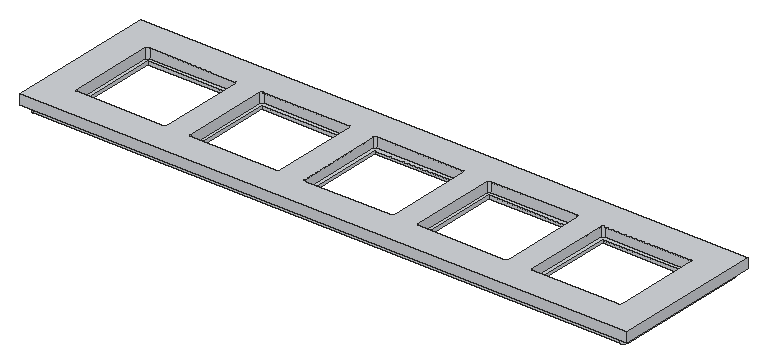
Revit family "Gira_021505", category Electrical Fixtures, host Face, Revit 2017
Family settings
  Host = Face
  Maintain Annotation Orientation = No
  Round Connector Dimension = Use Diameter
  Part Type = Normal
  Cut with Voids When Loaded = No
  Shared = No
  Room Calculation Point = No
Parameters (values of type "Cov.fr. 5-g Gira Esprit black gl.")
  With mounting grid = "No"
  With hinged lid = "No"
  URL = "http://katalog.gira.de/en/datenblatt.html?artikelnr=021505"
  Type of fastening = "Clamp mounting"
  Transparent = "No"
  Surface protection = "Other"
  Suitable for wall duct = "No"
  Suitable for flush-mounted installation = "Yes"
  Suitable for floor box = "No"
  Suitable for built-in installation = "No"
  Number of units vertical = "5"
  Number of units horizontal = "5"
  Number of units = "5"
  Name = "Cov.fr. 5-g Gira Esprit black gl."
  Mounting direction = "Horizontal and vertical"
  Material quality = "Other"
  Material = "Glass"
  Manufacturer URL = "https://www.gira.de/"
  Manufacturer = "Gira"
  Label space/information surface = "No"
  Keynote = ""
  HeinzeBIM = "https://bimportal.heinze.de/bim/cov-fr-5-g-gira-esprit-black-gl-/3320555c7ef3129956a38f41e4e0a0c77860461c"
  Halogen free = "No"
  HAN = "021505"
  GTIN = "4010337215059"
  Description = "Cov.fr.5g Espr. GBk,Gira Esprit cover frame,black glass,5-gang,"
  Degree of protection (IP) = "IP20"
  Default Elevation = 1219.2 mm
  Data sheet (1) = "https://katalog.gira.de/en/download.html?artikelnr=021505"
  Colour = "Black"
  Category = "Cover frame for domestic switching devices"
  BIM (1) = "https://media.stage.bim.site/public/gira/36a6b08/Espr._Rahmen_5fach.rfa"
  Available = "No"
Reference planes
  plane 1 "Center (Front/Back)": y = 0
  plane 2: z = 0
  plane 3 "Center (Left/Right)": x = 0
Forms (mm)
  Extrusion 1, solid, detail levels fine
    sketch origin (0, 0, 0) x (1, 0, 0) y (0, 1, 0)
      loop
        line (-190.1, 47.5) -> (-190.1, -47.5) -> (190.1, -47.5) -> (190.1, 47.5) -> (-190.1, 47.5)
      loop
        arc (-170.9, -26.8) -> (-170.461, -27.861) -> (-169.4, -28.3) r 1.5
        line (-169.4, -28.3) -> (-115.8, -28.3)
        arc (-115.8, -28.3) -> (-114.739, -27.861) -> (-114.3, -26.8) r 1.5
        line (-114.3, -26.8) -> (-114.3, 26.8)
        arc (-114.3, 26.8) -> (-114.739, 27.861) -> (-115.8, 28.3) r 1.5
        line (-115.8, 28.3) -> (-169.4, 28.3)
        arc (-169.4, 28.3) -> (-170.461, 27.861) -> (-170.9, 26.8) r 1.5
        line (-170.9, 26.8) -> (-170.9, -26.8)
      loop
        arc (-99.6, -26.8) -> (-99.161, -27.861) -> (-98.1, -28.3) r 1.5
        line (-98.1, -28.3) -> (-44.5, -28.3)
        arc (-44.5, -28.3) -> (-43.439, -27.861) -> (-43, -26.8) r 1.5
        line (-43, -26.8) -> (-43, 26.8)
        arc (-43, 26.8) -> (-43.439, 27.861) -> (-44.5, 28.3) r 1.5
        line (-44.5, 28.3) -> (-98.1, 28.3)
        arc (-98.1, 28.3) -> (-99.161, 27.861) -> (-99.6, 26.8) r 1.5
        line (-99.6, 26.8) -> (-99.6, -26.8)
      loop
        arc (-28.3, -26.8) -> (-27.861, -27.861) -> (-26.8, -28.3) r 1.5
        line (-26.8, -28.3) -> (26.8, -28.3)
        arc (26.8, -28.3) -> (27.861, -27.861) -> (28.3, -26.8) r 1.5
        line (28.3, -26.8) -> (28.3, 26.8)
        arc (28.3, 26.8) -> (27.861, 27.861) -> (26.8, 28.3) r 1.5
        line (26.8, 28.3) -> (-26.8, 28.3)
        arc (-26.8, 28.3) -> (-27.861, 27.861) -> (-28.3, 26.8) r 1.5
        line (-28.3, 26.8) -> (-28.3, -26.8)
      loop
        arc (43, -26.8) -> (43.439, -27.861) -> (44.5, -28.3) r 1.5
        line (44.5, -28.3) -> (98.1, -28.3)
        arc (98.1, -28.3) -> (99.161, -27.861) -> (99.6, -26.8) r 1.5
        line (99.6, -26.8) -> (99.6, 26.8)
        arc (99.6, 26.8) -> (99.161, 27.861) -> (98.1, 28.3) r 1.5
        line (98.1, 28.3) -> (44.5, 28.3)
        arc (44.5, 28.3) -> (43.439, 27.861) -> (43, 26.8) r 1.5
        line (43, 26.8) -> (43, -26.8)
      loop
        arc (114.3, -26.8) -> (114.739, -27.861) -> (115.8, -28.3) r 1.5
        line (115.8, -28.3) -> (169.4, -28.3)
        arc (169.4, -28.3) -> (170.461, -27.861) -> (170.9, -26.8) r 1.5
        line (170.9, -26.8) -> (170.9, 26.8)
        arc (170.9, 26.8) -> (170.461, 27.861) -> (169.4, 28.3) r 1.5
        line (169.4, 28.3) -> (115.8, 28.3)
        arc (115.8, 28.3) -> (114.739, 27.861) -> (114.3, 26.8) r 1.5
        line (114.3, 26.8) -> (114.3, -26.8)
    from 0 to 6
  Extrusion 2, solid, detail levels fine
    sketch origin (0, 0, 0) x (1, 0, 0) y (0, 1, 0)
      loop
        line (-168.5, -25.7) -> (-116.7, -25.7) -> (-116.7, 25.7) -> (-168.5, 25.7) -> (-168.5, -25.7)
      loop
        line (25.9, 25.7) -> (-25.9, 25.7) -> (-25.9, -25.7) -> (25.9, -25.7) -> (25.9, 25.7)
      loop
        arc (-185.5, -41.4) -> (-184.973, -42.673) -> (-183.7, -43.2) r 1.8
        line (-183.7, -43.2) -> (183.7, -43.2)
        arc (183.7, -43.2) -> (184.973, -42.673) -> (185.5, -41.4) r 1.8
        line (185.5, -41.4) -> (185.5, 41.4)
        arc (185.5, 41.4) -> (184.973, 42.673) -> (183.7, 43.2) r 1.8
        line (183.7, 43.2) -> (-183.7, 43.2)
        arc (-183.7, 43.2) -> (-184.973, 42.673) -> (-185.5, 41.4) r 1.8
        line (-185.5, 41.4) -> (-185.5, -41.4)
      loop
        line (-45.4, 25.7) -> (-97.2, 25.7) -> (-97.2, -25.7) -> (-45.4, -25.7) -> (-45.4, 25.7)
      loop
        line (97.2, 25.7) -> (45.4, 25.7) -> (45.4, -25.7) -> (97.2, -25.7) -> (97.2, 25.7)
      loop
        line (168.5, 25.7) -> (116.7, 25.7) -> (116.7, -25.7) -> (168.5, -25.7) -> (168.5, 25.7)
    from -1.9 to 0
  Extrusion 3, solid, detail levels fine
    sketch origin (0, 0, 0) x (1, 0, 0) y (0, 1, 0)
      loop
        arc (-183.7, 44.4) -> (-185.821, 43.521) -> (-186.7, 41.4) r 3
        line (-186.7, 41.4) -> (-186.7, -41.4)
        arc (-186.7, -41.4) -> (-185.821, -43.521) -> (-183.7, -44.4) r 3
        line (-183.7, -44.4) -> (183.7, -44.4)
        arc (183.7, -44.4) -> (185.821, -43.521) -> (186.7, -41.4) r 3
        line (186.7, -41.4) -> (186.7, 41.4)
        arc (186.7, 41.4) -> (185.821, 43.521) -> (183.7, 44.4) r 3
        line (183.7, 44.4) -> (-183.7, 44.4)
      loop
        arc (-185.5, -41.4) -> (-184.973, -42.673) -> (-183.7, -43.2) r 1.8
        line (-183.7, -43.2) -> (183.7, -43.2)
        arc (183.7, -43.2) -> (184.973, -42.673) -> (185.5, -41.4) r 1.8
        line (185.5, -41.4) -> (185.5, 41.4)
        arc (185.5, 41.4) -> (184.973, 42.673) -> (183.7, 43.2) r 1.8
        line (183.7, 43.2) -> (-183.7, 43.2)
        arc (-183.7, 43.2) -> (-184.973, 42.673) -> (-185.5, 41.4) r 1.8
        line (-185.5, 41.4) -> (-185.5, -41.4)
    from -3.7 to 0
  Extrusion 4, solid, detail levels medium
    sketch origin (0, 0, 0) x (1, 0, 0) y (0, 1, 0)
      loop
        line (-190.1, 47.5) -> (-190.1, -47.5) -> (190.1, -47.5) -> (190.1, 47.5) -> (-190.1, 47.5)
    from 0 to 6
  Extrusion 5, solid, detail levels medium
    sketch origin (0, 0, 0) x (1, 0, 0) y (0, 1, 0)
      loop
        line (-190.1, 44.4) -> (-190.1, -44.4) -> (190.1, -44.4) -> (190.1, 44.4) -> (-190.1, 44.4)
    from -3.7 to 0
  Extrusion 6, solid, detail levels coarse
    sketch origin (0, 0, 0) x (1, 0, 0) y (0, 1, 0)
      loop
        line (-190.1, 47.5) -> (-190.1, -47.5) -> (190.1, -47.5) -> (190.1, 47.5) -> (-190.1, 47.5)
    from -3.7 to 6
Dimensions and locks
  aligned and locked: plane 2 to host face
  aligned and locked: level to host face
